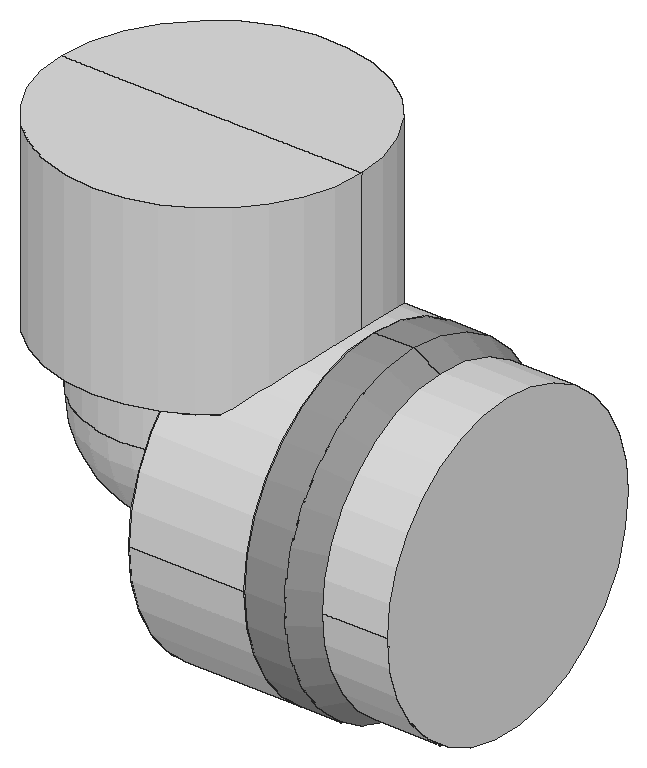
Revit family "VTc.531.N", category Соединительные детали трубопроводов, Revit 2019
Family settings
  Размер круглого соединителя = Использовать диаметр
  Тип детали = Отвод
  На основе рабочей плоскости = Нет
  Всегда вертикально = Да
  При загрузке вырезать с полостями = Нет
  Общий = Нет
Parameters
  Таблица [instance] = "VTc.531.N"
  Материал_резина [instance] = Резина
  Изготовитель = "VALTEC"
  ms [instance] = size_lookup(Таблица, "ms", 0 mm, Du)  # 90 mm
  d2 [instance] = size_lookup(Таблица, "d2", 0 mm, Du)  # 26 mm
  d1 [instance] = size_lookup(Таблица, "d1", 0 mm, Du)  # 28 mm
  L2 [instance] = size_lookup(Таблица, "L2", 0 mm, Du)  # 3 mm
  L1 [instance] = size_lookup(Таблица, "L1", 0 mm, Du)  # 1 mm
  Du [instance] = 20 mm
  ADSK_Позиция [instance] = ""
  ADSK_Обозначение [instance] = ""
  ADSK_Наименование [instance] = size_lookup(Таблица, "", "Данный типоразмер отсутствует", Du)  # "Отвод коллекторный 3/4\" x 1/2\""
  ADSK_Материал [instance] = Латунь CW 617N
  ADSK_Масса [instance] = ms / 1000 mm  # 0.09
  ADSK_Код изделия [instance] = size_lookup(Таблица, "Код продукта", "Данный типоразмер отсутствует", Du)  # "VTc.531.N.0504"
  ADSK_Завод-изготовитель [instance] = Изготовитель  # "VALTEC"
  ADSK_Единица измерения [instance] = "шт."  # constant formula
  ADSK_URL страницы изделия [instance] = ""
  ADSK_URL документации изделия [instance] = ""
Reference planes
  plane 1 "По центру (Вперед/Назад)": y = 0
  plane 2: z = 0
  plane 3 "По центру (Влево/Вправо)": x = 0
  plane 4: x = 1
  plane 5: x = 4
  plane 6: x = 25.632
  plane 7: x = 14
  plane 8: x = 20
  plane 9: z = 14
  plane 10: z = -14
Forms (mm)
  Revolve 1, solid, material "Латунь CW 617N" <- "ADSK_Материал"
    sketch origin (0, 0, 0) x (1, 0, 0) y (0, 0, 1)
      loop
        line (0, 26) -> (-13, 26) -> (-13, 10) -> (-10, 8.268) -> (-10, 5)
        arc (-10, 5) -> (-7.071, -2.071) -> (0, -5) r 10
        line (0, -5) -> (0, 26)
      axis (0, 26) -> (0, -5)
    angle from 0 to 360
  Blend 2, solid, material "Латунь CW 617N" <- "ADSK_Материал"
    base sketch origin (0, 0, 0) x (0, 1, 0) y (0, 0, 1)
      loop
        circle (0, 0) r 5
    top sketch origin (0, 0, 0) x (0, 1, 0) y (0, 0, 1)
      loop
        circle (0, 0) r 14
    from 1 to 4
  Extrusion 3, solid, material "Латунь CW 617N" <- "ADSK_Материал"
    sketch origin (0, 0, 0) x (0, 1, 0) y (0, 0, 1)
      loop
        circle (0, 0) r 14
    from 4 to 14
  Revolve 4, solid, material "Резина" <- "Материал_резина"
    sketch origin (0, 0, 0) x (1, 0, 0) y (0, 0, 1)
      loop
        line (14, 14) -> (14, 0) -> (20, 0) -> (20, 12.557) -> (17.5, 14) -> (14, 14)
      axis (14, 0) -> (20, 0)
    angle from 0 to 360
  Extrusion 5, solid, material "Латунь CW 617N" <- "ADSK_Материал"
    sketch origin (0, 0, 0) x (0, 1, 0) y (0, 0, 1)
      loop
        circle (0, 0) r 13
    from 20 to 25.632
Dimensions and locks
  locked: Revolve 1 sketch curve to Revolve 1 sketch curve at 16
  locked: Revolve 1 sketch curve to plane 3 "По центру (Влево/Вправо)" at 13
  locked: Revolve 1 sketch curve to plane 3 "По центру (Влево/Вправо)" at 10
  "L1": plane 4 to plane 3 "По центру (Влево/Вправо)"
  locked: Revolve 1 sketch curve to level at 5
  locked: Revolve 1 sketch curve to Revolve 1 sketch curve at 17.732
  "L2": plane 5 to plane 4
  plane 7 to plane 5 = 10 mm
  locked: plane 8 to plane 7 at 6
  plane 6 to plane 8 = 5.632 mm
  equal spacing: plane 9, level, plane 10
  "d1": plane 9 to plane 10
  locked: Revolve 4 sketch curve to plane 7 at 3.5
  locked: plane 9 to Revolve 4 sketch curve at 1.443
  diameter of Revolve 1 sketch curve = 20 mm
  diameter of Blend 2 sketch curve = 10 mm
  "d1": diameter of Blend 2 sketch curve
  "d1": diameter of Extrusion 3 sketch curve
  "d2": diameter of Extrusion 5 sketch curve
  locked: Revolve 1 sketch curve to Revolve 1 sketch curve (angle 60.00°)
  aligned and locked: level to plane 2
  aligned and locked: Revolve 1 sketch curve to plane 3 "По центру (Влево/Вправо)"
  aligned and locked: Revolve 1 sketch curve to Revolve 1 sketch curve
  aligned and locked: plane 1 "По центру (Вперед/Назад)" to Blend 2 sketch curve  (x2)
  aligned and locked: level to Blend 2 sketch curve  (x2)
  aligned and locked: Blend 2 to plane 4
  aligned and locked: plane 5 to Blend 2
  aligned and locked: plane 1 "По центру (Вперед/Назад)" to Extrusion 3 sketch curve
  aligned and locked: level to Extrusion 3 sketch curve
  aligned and locked: Extrusion 3 to plane 5
  aligned and locked: plane 7 to Extrusion 3
  aligned and locked: Revolve 4 sketch curve to plane 7
  aligned and locked: Revolve 4 sketch curve to plane 8
  aligned and locked: Revolve 4 sketch curve to plane 9
  aligned and locked: level to Revolve 4 sketch curve
  aligned and locked: Revolve 4 sketch curve to level
  aligned and locked: plane 1 "По центру (Вперед/Назад)" to Extrusion 5 sketch curve
  aligned and locked: level to Extrusion 5 sketch curve
  aligned and locked: Extrusion 5 to plane 8
  aligned and locked: plane 6 to Extrusion 5
Automatic sketch dimensions
  Revolve 1 sketch curve to Revolve 1 sketch curve = 362.416 mm
  Revolve 1 sketch curve to Revolve 1 sketch curve = 2188.315 mm
  Revolve 1 sketch curve to Revolve 1 sketch curve = 3.268 mm
  Revolve 4 sketch curve to plane 3 "По центру (Влево/Вправо)" = 1351.99 mm
  plane 6 to Revolve 4 sketch curve = 1873.351 mm
Connectors
  piping at (0, 0, 26), diameter 20, driven by "Du"
    settings: on Revolve 1, index 1, connector inside diameter 609.6 mm, connector length 0 mm, flow factor 0, pipe flow 0.0 L/s, pressure drop 0.0 Pa, fitting loss kfactor 0, connector angle 0.00°, fixture units 0, engagement length 0 mm, angle of deflection 0.00°, flow configuration 0, flow direction 0, fitting loss method 0, system type 7, joint type 0, gender type 0, connector reference index -1, connector utility 0, adjustable connector no, is connector primary yes, connector description ""
  piping at (20, 0, 0), diameter 26, driven by "d2"
    settings: on Revolve 4, index 2, connector inside diameter 609.6 mm, connector length 0 mm, flow factor 0, pipe flow 0.0 L/s, pressure drop 0.0 Pa, fitting loss kfactor 0, connector angle 0.00°, fixture units 0, engagement length 0 mm, angle of deflection 0.00°, flow configuration 0, flow direction 0, fitting loss method 0, system type 7, joint type 0, gender type 0, connector reference index -1, connector utility 0, adjustable connector no, is connector primary no, connector description ""
